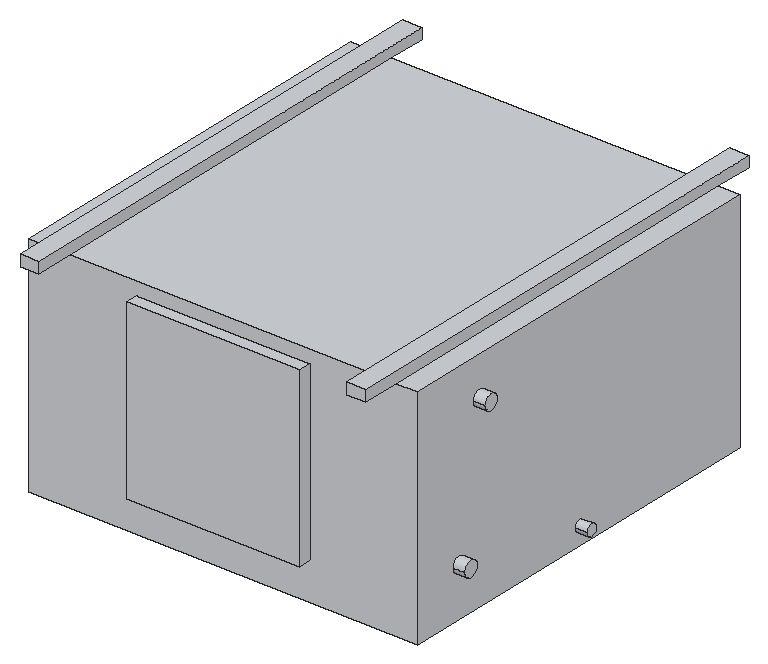
Revit family "M_Unidade de serpentina do ventilador - Duto de forro - Exposto - CHW", category Equipamento mecânico, Revit 2019
Family settings
  Cota do conector redondo = Usar raio
  Tipo de parte = Normal
  Número OmniClass = 23.75.70.17.27
  Título OmniClass = Fan Coil Units
  ID de item do Seek = Fan Coil Unit - Ceiling Ducted - Exposed - CHW-0000-CAN-ENU
  Com base no plano de trabalho = Não
  Sempre na vertical = Sim
  Corte com vazios quando carregada = Não
  Compartilhado = Não
  Ponto de cálculo do ambiente = Não
Parameters (values of type "282 LPS")
  Queda de pressão da água [instance] = 9652.66 Pa
  Voltagem = 120 V
  Comprimento da unidade = 787.4 mm
  Capacidade de resfriamento total = 5773.5 W
  Raio da água de fornecimento = 15 mm
  Diâmetro da água de fornecimento = 2 * Raio da água de fornecimento  # 30 mm
  Comprimento da grelha de fornecimento = 350 mm
  Capacidade de resfriamento perceptível = 4220.22 W
  Raio da água de retorno = 15 mm
  Diâmetro da água de retorno = 2 * Raio da água de retorno  # 30 mm
  Comprimento da grelha de retorno = 350 mm
  Número de pólos = 1
  Fluxo de ar nominal [instance] = 283.17 L/s
  Classificação de carga = Refrigeração
  Pressão estática externa [instance] = 74.65 Pa
  Fluxo da drenagem [instance] = 0.0 L/s
  Fluxo da água resfriada [instance] = 0.25 L/s
  Material CFU = none
  Carga aparente = 260 VA
Types (9, lengths in mm): name | Queda de pressão da água | Comprimento da unidade | Capacidade de resfriamento total | Raio da água de fornecimento | Diâmetro da água de fornecimento | Comprimento da grelha de fornecimento | Capacidade de resfriamento perceptível | Raio da água de retorno | Diâmetro da água de retorno | Comprimento da grelha de retorno | Fluxo de ar nominal | Fluxo da água resfriada | Carga aparente
  (no name) | 9652.66 Pa | 787.4 | 5773.5 W | 15 | 30 | 350 | 4220.22 W | 15 | 30 | 350 | 283.17 L/s | 0.25 L/s | 260 VA
  282 LPS | 9652.66 Pa | 787.4 | 5773.5 W | 15 | 30 | 350 | 4220.22 W | 15 | 30 | 350 | 283.17 L/s | 0.25 L/s | 260 VA
  376 LPS | 21373.7 Pa | 914.4 | 8616.29 W | 15 | 30 | 475 | 6037.26 W | 15 | 30 | 500 | 377.56 L/s | 0.38 L/s | 275 VA
  470 LPS | 44815.9 Pa | 1016 | 11283.2 W | 20 | 40 | 550 | 7737.08 W | 20 | 40 | 600 | 471.95 L/s | 0.5 L/s | 380 VA
  564 LPS | 89631.8 Pa | 1143 | 13950.2 W | 20 | 40 | 700 | 9466.2 W | 20 | 40 | 700 | 566.34 L/s | 0.63 L/s | 490 VA
  658 LPS | 144789.9 Pa | 1270 | 15474.1 W | 32 | 64 | 850 | 10697.1 W | 32 | 64 | 850 | 660.73 L/s | 0.69 L/s | 520 VA
  752 LPS | 172368.9 Pa | 1397 | 18961.7 W | 32 | 64 | 950 | 12777.9 W | 32 | 64 | 950 | 755.12 L/s | 0.95 L/s | 670 VA
  846 LPS | 172368.9 Pa | 1524 | 22185.5 W | 32 | 64 | 1100 | 14770.8 W | 32 | 64 | 1100 | 849.51 L/s | 1.2 L/s | 800 VA
  940 LPS | 172368.9 Pa | 1625.6 | 24149.1 W | 32 | 64 | 1200 | 16177.5 W | 32 | 64 | 1200 | 943.89 L/s | 1.2 L/s | 840 VA
Reference planes
  plane 1 "Centro (Frente/Trás)": y = 0
  plane 2: z = 0
  plane 3 "Centro (Esquerda/Direita)": x = 0
  plane 4: x = 787.4
  plane 5: x = 393.7
  plane 6: x = 218.7
  plane 7: x = 568.7
  plane 8: y = 812.8
  plane 9: y = 889
  plane 10: y = -76.2
  plane 11: z = 457.2
  plane 12: z = 479.425
  plane 13: x = 63.5
  plane 14: x = 723.9
  plane 15: x = 44.45
  plane 16: x = 82.55
  plane 17: x = 742.95
  plane 18: x = 704.85
  plane 19 "1": y = 838.2
  plane 20: y = -25.4
  plane 21: z = 76.2
  plane 22: z = 431.8
  plane 23: x = 218.7
  plane 24: x = 568.7
  plane 25: y = 152.4
  plane 26: z = 381
  plane 27: y = 101.6
  plane 28: z = 101.6
  plane 29: y = 406.4
  plane 30: z = 38.1
  plane 31: x = 812.8
  plane 32: y = 762
  plane 33: z = 360.68
  plane 34: z = 289.56
  plane 35: z = 218.44
  plane 36: z = 147.32
Forms (mm)
  Extrusion 1, solid, material <- "Material CFU"
    sketch origin (0, 0, 0) x (1, 0, 0) y (0, 1, 0)
      loop
        line (0, 812.8) -> (0, 0) -> (787.4, 0) -> (787.4, 812.8) -> (0, 812.8)
    from 0 to 457.2
  Extrusion 2, solid, material <- "Material CFU"
    sketch origin (0, 0, 0) x (1, 0, 0) y (0, 1, 0)
      loop
        line (44.45, 889) -> (44.45, -76.2) -> (82.55, -76.2) -> (82.55, 889) -> (44.45, 889)
    from 457.2 to 479.425
  Extrusion 3, solid, material <- "Material CFU"
    sketch origin (0, 0, 0) x (1, 0, 0) y (0, 1, 0)
      loop
        line (704.85, 889) -> (704.85, -76.2) -> (742.95, -76.2) -> (742.95, 889) -> (704.85, 889)
    from 457.2 to 479.425
  Extrusion 4, solid, material <- "Material CFU"
    sketch origin (0, 0, 0) x (1, 0, 0) y (0, 1, 0)
      loop
        line (218.7, 838.2) -> (218.7, 812.8) -> (568.7, 812.8) -> (568.7, 838.2) -> (218.7, 838.2)
    from 76.2 to 431.8
  Extrusion 5, solid, material <- "Material CFU"
    sketch origin (0, 0, 0) x (1, 0, 0) y (0, 1, 0)
      loop
        line (218.7, 0) -> (218.7, -25.4) -> (568.7, -25.4) -> (568.7, 0) -> (218.7, 0)
    from 76.2 to 431.8
  Extrusion 6, solid, material <- "Material CFU"
    sketch origin (0, 0, 0) x (0, 1, 0) y (0, 0, 1)
      loop
        circle (152.4, 381) r 15
    from 787.4 to 812.8
  Extrusion 7, solid, material <- "Material CFU"
    sketch origin (0, 0, 0) x (0, 1, 0) y (0, 0, 1)
      loop
        circle (101.6, 101.6) r 15
    from 787.4 to 812.8
  Extrusion 8, solid, material <- "Material CFU"
    sketch origin (0, 0, 0) x (0, 1, 0) y (0, 0, 1)
      loop
        circle (406.4, 38.1) r 11.113
    from 787.4 to 812.8
  Extrusion 9, solid, material <- "Material CFU"
    sketch origin (0, 0, 0) x (0, 1, 0) y (0, 0, 1)
      loop
        circle (762, 381) r 25.4
    from 742.95 to 787.4
Cuts and joins
  joined: Extrusion 1, Extrusion 2, Extrusion 3, Extrusion 4, Extrusion 5, Extrusion 6, Extrusion 7, Extrusion 8, Extrusion 9
Lines and regions (mm)
  model lines
    curve 1: line (218.7, -25.4, 218.44) -> (568.7, -25.4, 218.44)
    curve 2: line (218.7, -25.4, 360.68) -> (568.7, -25.4, 360.68)
    curve 3: line (218.7, -25.4, 289.56) -> (568.7, -25.4, 289.56)
    curve 4: line (218.7, -25.4, 147.32) -> (568.7, -25.4, 147.32)
    curve 5: line (568.7, 838.2, 360.68) -> (218.7, 838.2, 360.68)
    curve 6: line (568.7, 838.2, 289.56) -> (218.7, 838.2, 289.56)
    curve 7: line (568.7, 838.2, 218.44) -> (218.7, 838.2, 218.44)
    curve 8: line (568.7, 838.2, 147.32) -> (218.7, 838.2, 147.32)
Dimensions and locks
  equal spacing: plane 3 "Centro (Esquerda/Direita)", plane 5, plane 4
  equal spacing: plane 6, plane 5, plane 7
  "Comprimento da unidade": plane 3 "Centro (Esquerda/Direita)" to plane 4
  "Comprimento da grelha de retorno": plane 6 to plane 7
  locked: plane 8 to plane 1 "Centro (Frente/Trás)" at 812.8
  locked: plane 1 "Centro (Frente/Trás)" to plane 10 at 76.2
  locked: plane 9 to plane 8 at 76.2
  locked: plane 11 to plane 2 at 457.2
  locked: plane 12 to plane 11 at 22.225
  locked: plane 3 "Centro (Esquerda/Direita)" to plane 13 at 63.5
  locked: plane 14 to plane 4 at 63.5
  locked: plane 19 "1" to plane 8 at 25.4
  locked: plane 1 "Centro (Frente/Trás)" to plane 20 at 25.4
  locked: plane 2 to plane 21 at 76.2
  locked: plane 21 to plane 22 at 355.6
  equal spacing: plane 23, plane 5, plane 24
  "Comprimento da grelha de fornecimento": plane 23 to plane 24
  equal spacing: plane 15, plane 13, plane 16
  locked: plane 13 to plane 16 at 19.05
  equal spacing: plane 18, plane 14, plane 17
  locked: plane 18 to plane 14 at 19.05
  locked: plane 26 to plane 11 at 76.2
  locked: plane 1 "Centro (Frente/Trás)" to plane 25 at 152.4
  locked: plane 2 to plane 28 at 101.6
  locked: plane 1 "Centro (Frente/Trás)" to plane 27 at 101.6
  locked: plane 1 "Centro (Frente/Trás)" to plane 29 at 406.4
  locked: plane 2 to plane 30 at 38.1
  locked: plane 4 to plane 31 at 25.4
  locked: plane 32 to plane 8 at 50.8
  plane 22 to plane 21 = 355.6 mm
  equal spacing: plane 22, plane 33, plane 34, plane 35, plane 36, plane 21
  "Raio da água de retorno": radius of Extrusion 6 sketch curve
  "Raio da água de fornecimento": radius of Extrusion 7 sketch curve
  aligned and locked: plane 3 "Centro (Esquerda/Direita)" to Extrusion 1 sketch curve
  aligned and locked: Extrusion 1 sketch curve to plane 4
  aligned and locked: Extrusion 1 sketch curve to plane 8
  aligned and locked: Extrusion 1 sketch curve to plane 1 "Centro (Frente/Trás)"
  aligned and locked: plane 11 to Extrusion 1
  aligned and locked: Extrusion 1 to plane 2
  aligned and locked: Extrusion 2 sketch curve to plane 15
  aligned and locked: plane 16 to Extrusion 2 sketch curve
  aligned and locked: Extrusion 2 sketch curve to plane 9
  aligned and locked: plane 10 to Extrusion 2 sketch curve
  aligned and locked: Extrusion 3 sketch curve to plane 18
  aligned and locked: plane 17 to Extrusion 3 sketch curve
  aligned and locked: Extrusion 3 sketch curve to plane 9
  aligned and locked: plane 10 to Extrusion 3 sketch curve
  aligned and locked: plane 12 to Extrusion 3
  aligned and locked: Extrusion 3 to plane 11
  aligned and locked: plane 12 to Extrusion 2
  aligned and locked: Extrusion 2 to plane 11
  aligned and locked: plane 8 to Extrusion 4 sketch curve
  aligned and locked: plane 19 "1" to Extrusion 4 sketch curve
  aligned and locked: plane 6 to Extrusion 4 sketch curve
  aligned and locked: plane 7 to Extrusion 4 sketch curve
  aligned and locked: plane 22 to Extrusion 4
  aligned and locked: plane 21 to Extrusion 4
  aligned and locked: plane 23 to Extrusion 5 sketch curve
  aligned and locked: Extrusion 5 sketch curve to plane 24
  aligned and locked: plane 1 "Centro (Frente/Trás)" to Extrusion 5 sketch curve
  aligned and locked: Extrusion 5 sketch curve to plane 20
  aligned and locked: plane 22 to Extrusion 5
  aligned and locked: Extrusion 5 to plane 21
  aligned and locked: plane 26 to Extrusion 6 sketch curve
  aligned and locked: plane 25 to Extrusion 6 sketch curve
  aligned and locked: plane 28 to Extrusion 7 sketch curve
  aligned and locked: plane 27 to Extrusion 7 sketch curve
  aligned and locked: Extrusion 6 to plane 31
  aligned and locked: Extrusion 6 to plane 4
  aligned and locked: Extrusion 7 to plane 31
  aligned and locked: Extrusion 7 to plane 4
  aligned and locked: plane 30 to Extrusion 8 sketch curve
  aligned and locked: plane 29 to Extrusion 8 sketch curve
  aligned and locked: Extrusion 8 to plane 31
  aligned and locked: Extrusion 8 to plane 4
  aligned and locked: plane 26 to Extrusion 9 sketch curve
  aligned and locked: plane 32 to Extrusion 9 sketch curve
  aligned and locked: Extrusion 1 to Extrusion 9
  aligned and locked: plane 17 to Extrusion 9
  aligned and locked: plane 34 to curve 3
  aligned and locked: plane 33 to curve 2
  aligned and locked: plane 35 to curve 1
  aligned and locked: plane 36 to curve 4
  aligned and locked: plane 23 to curve 2
  aligned and locked: plane 24 to curve 2
  aligned and locked: plane 24 to curve 3
  aligned and locked: plane 23 to curve 3
  aligned and locked: plane 23 to curve 1
  aligned and locked: plane 24 to curve 1
  aligned and locked: plane 23 to curve 4
  aligned and locked: plane 24 to curve 4
  aligned and locked: curve 5 to plane 33
  aligned and locked: curve 6 to plane 34
  aligned and locked: curve 7 to plane 35
  aligned and locked: curve 8 to plane 36
  aligned and locked: plane 7 to curve 5
  aligned and locked: plane 6 to curve 5
  aligned and locked: plane 7 to curve 6
  aligned and locked: plane 6 to curve 6
  aligned and locked: plane 7 to curve 7
  aligned and locked: plane 6 to curve 7
  aligned and locked: plane 7 to curve 8
  aligned and locked: plane 6 to curve 8
Automatic sketch dimensions
  radius of Extrusion 8 sketch curve = 11.113 mm
  radius of Extrusion 9 sketch curve = 25.4 mm
Connectors
  piping at (812.8, 101.6, 101.6), diameter 30, driven by "Fluxo da água resfriada", driven by "Raio da água de fornecimento"
    settings: on cut or joined group 1 (Extrusion 1, Extrusion 2, Extrusion 3, Extrusion 4, Extrusion 5, Extrusion 6, Extrusion 7, Extrusion 8, Extrusion 9), index 1, connector inside diameter 30 mm, connector length 0 mm, flow factor 0, pipe flow 0.25 L/s, pressure drop 0.0 Pa, fitting loss kfactor 0, connector angle 0.00°, fixture units 0, engagement length 0 mm, angle of deflection 0.00°, flow configuration 1, flow direction 1, fitting loss method 4, system type 7, joint type 0, gender type 0, connector reference index 2, connector utility 0, adjustable connector no, is connector primary yes, connector description "Água resfriada,Entrada"
  piping at (812.8, 152.4, 381), diameter 30, driven by "Fluxo da água resfriada", driven by "Queda de pressão da água", driven by "Raio da água de retorno"
    settings: on cut or joined group 1, index 2, connector inside diameter 30 mm, connector length 0 mm, flow factor 0, pipe flow 0.25 L/s, pressure drop 9652.66 Pa, fitting loss kfactor 0, connector angle 0.00°, fixture units 0, engagement length 0 mm, angle of deflection 0.00°, flow configuration 1, flow direction 2, fitting loss method 4, system type 8, joint type 0, gender type 0, connector reference index 1, connector utility 0, adjustable connector no, is connector primary no, connector description "Água resfriada,Saída"
  piping at (812.8, 406.4, 38.1), diameter 22.225, driven by "Fluxo da drenagem"
    settings: on cut or joined group 1, index 3, connector inside diameter 22.225 mm, connector length 0 mm, flow factor 0, pipe flow 0.0 L/s, pressure drop 0.0 Pa, fitting loss kfactor 0, connector angle 0.00°, fixture units 0, engagement length 0 mm, angle of deflection 0.00°, flow configuration 1, flow direction 2, fitting loss method 0, system type 16, joint type 0, gender type 0, connector reference index -1, connector utility 0, adjustable connector yes, is connector primary no, connector description "Drenagem,Saída"
  electrical at (787.4, 762, 381), driven by "Carga aparente", driven by "Voltagem", driven by "Número de pólos", driven by "Classificação de carga"
    settings: on Extrusion 9, index 4, voltage 120 V, apparent load 260 VA, apparent load phase1 0 VA, apparent load phase2 0 VA, apparent load phase3 0 VA, power factor 0.8, load classification "Refrigeração", number of poles 1, system type 30, power factor state 1, is connector primary yes, connector utility no, sub classification motor no, connector description ""
